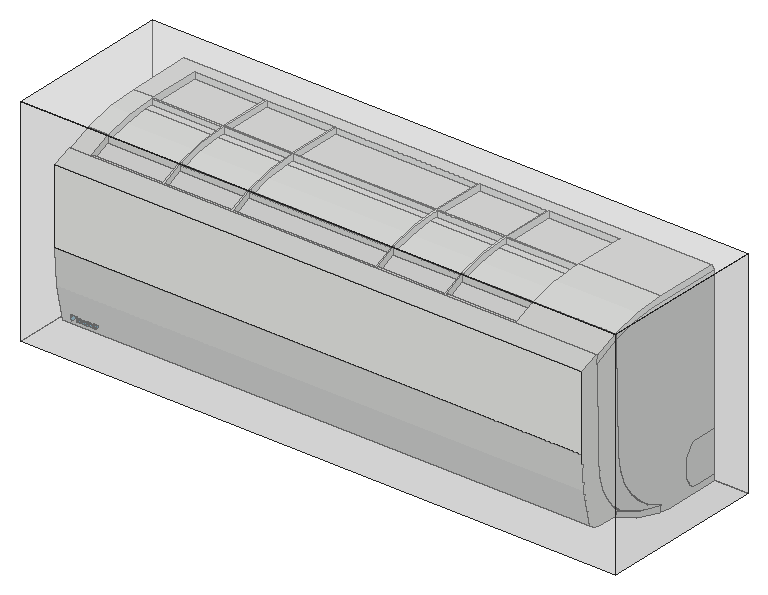
Revit family "outputfile", category 機械設備, Revit 2024
Family settings
  丸型コネクタ寸法 = 半径を使用
  パーツ タイプ = 標準
  OmniClass 番号 = 23.75.10.24.21.27.27
  OmniClass タイトル = Split System Air Conditioning Units
  作業面ベース = いいえ
  常に垂直 = はい
  ロード時にボイドで切り取り = いいえ
  注釈の向きを維持 = いいえ
  共有 = いいえ
  部屋計算ポイント = いいえ
Parameters (values of type "FTKC15TVM4")
  Description = ""
  書き出し IFC クラス(タイプ) = "IfcUnitaryEquipmentType"
  定義済み IFC タイプ(タイプ) = "AIRCONDITIONINGUNIT"
  Cost = 0
  Type Comments = ""
  Keynote = ""
  Type Image = (empty or 0)
  Assembly Code = ""
  w_wall hole = if(Width = 770.0 mm, 48.0 mm, 60.0 mm)  # 48.0 mm
  製造元 = "Daikin"
  モデル = "FTKC15TVM4"
  switch_frequency = yes
  r_Liquid Pipe Size = Liquid Pipe Size / 2  # 3.2 mm
  r_Gas Pipe Size = Gas Pipe Size / 2  # 4.75 mm
  r_Drain Pipe Size = Drain Pipe Size / 2  # 8.0 mm
  lw_powersupply [instance] = if(Width = 770.0 mm, if(or(Rear Right Connection_refrigerant, Bottom Right Connection_refrigerant), 30.0 mm, if(or(Rear Left Connection_refrigerant, Bottom Left Connection_refrigerant), 740.0 mm, 385.0 mm)), if(Width = 990.0 mm, if(or(Rear Right Connection_refrigerant, Bottom Right Connection_refrigerant), 80.0 mm, if(or(Rear Left Connection_refrigerant, Bottom Left Connection_refrigerant), 920.0 mm, 495.0 mm)), if(or(Rear Right Connection_refrigerant, Bottom Right Connection_refrigerant), 80.0 mm, if(or(Rear Left Connection_refrigerant, Bottom Left Connection_refrigerant), 920.0 mm, 495.0 mm))))  # 385.0 mm
  lw_liquidpipe [instance] = if(Width = 770.0 mm, if(or(Rear Right Connection_refrigerant, Bottom Right Connection_refrigerant), 0.0 mm, if(or(Rear Left Connection_refrigerant, Bottom Left Connection_refrigerant), 674.0 mm, 400.0 mm)), if(Width = 990.0 mm, if(or(Rear Right Connection_refrigerant, Bottom Right Connection_refrigerant), 9.0 mm, if(or(Rear Left Connection_refrigerant, Bottom Left Connection_refrigerant), 871.0 mm, 475.0 mm)), if(or(Rear Right Connection_refrigerant, Bottom Right Connection_refrigerant), 9.0 mm, if(or(Rear Left Connection_refrigerant, Bottom Left Connection_refrigerant), 871.0 mm, 475.0 mm))))  # 400.0 mm
  lw_gaspipe [instance] = if(Width = 770.0 mm, if(or(Rear Right Connection_refrigerant, Bottom Right Connection_refrigerant), 0.0 mm, if(or(Rear Left Connection_refrigerant, Bottom Left Connection_refrigerant), 674.0 mm, 350.0 mm)), if(Width = 990.0 mm, if(or(Rear Right Connection_refrigerant, Bottom Right Connection_refrigerant), 0.0 mm, if(or(Rear Left Connection_refrigerant, Bottom Left Connection_refrigerant), 880.0 mm, 400.0 mm)), if(or(Rear Right Connection_refrigerant, Bottom Right Connection_refrigerant), 0.0 mm, if(or(Rear Left Connection_refrigerant, Bottom Left Connection_refrigerant), 880.0 mm, 400.0 mm))))  # 350.0 mm
  lw_drainpipe [instance] = if(Width = 770.0 mm, if(or(Rear Right Connection_refrigerant, Bottom Right Connection_refrigerant), 0.0 mm, if(or(Rear Left Connection_refrigerant, Bottom Left Connection_refrigerant), 674.0 mm, 465.0 mm)), if(Width = 990.0 mm, if(or(Rear Right Connection_refrigerant, Bottom Right Connection_refrigerant), 0.0 mm, if(or(Rear Left Connection_refrigerant, Bottom Left Connection_refrigerant), 880.0 mm, 435.0 mm)), if(or(Rear Right Connection_refrigerant, Bottom Right Connection_refrigerant), 0.0 mm, if(or(Rear Left Connection_refrigerant, Bottom Left Connection_refrigerant), 880.0 mm, 435.0 mm))))  # 465.0 mm
  l_powersupply_length [instance] = if(Width = 770.0 mm, if(Right Connection_refrigerant, 385.0 mm, if(Left Connection_refrigerant, 385.0 mm, if(or(Rear Left Connection_refrigerant, Rear Right Connection_refrigerant), 15.0 mm, 50.0 mm))), if(Width = 990.0 mm, if(Right Connection_refrigerant, 495.0 mm, if(Left Connection_refrigerant, 495.0 mm, if(or(Rear Left Connection_refrigerant, Rear Right Connection_refrigerant), 15.0 mm, 50.0 mm))), if(Right Connection_refrigerant, 495.0 mm, if(Left Connection_refrigerant, 495.0 mm, if(or(Rear Left Connection_refrigerant, Rear Right Connection_refrigerant), 15.0 mm, 50.0 mm)))))  # 385.0 mm
  l_liquidpipe_length [instance] = if(Width = 770.0 mm, if(Right Connection_refrigerant, 448.0 mm, if(Left Connection_refrigerant, 322.0 mm, if(or(Rear Left Connection_refrigerant, Rear Right Connection_refrigerant), 30.0 mm, 40.0 mm))), if(Width = 990.0 mm, if(Right Connection_refrigerant, 535.0 mm, if(Left Connection_refrigerant, 455.0 mm, if(or(Rear Left Connection_refrigerant, Rear Right Connection_refrigerant), 30.0 mm, 40.0 mm))), if(Right Connection_refrigerant, 535.0 mm, if(Left Connection_refrigerant, 455.0 mm, if(or(Rear Left Connection_refrigerant, Rear Right Connection_refrigerant), 30.0 mm, 40.0 mm)))))  # 448.0 mm
  l_gaspipe_length [instance] = if(Width = 770.0 mm, if(Right Connection_refrigerant, 398.0 mm, if(Left Connection_refrigerant, 372.0 mm, if(or(Rear Left Connection_refrigerant, Rear Right Connection_refrigerant), 40.0 mm, 50.0 mm))), if(Width = 990.0 mm, if(Right Connection_refrigerant, 460.0 mm, if(Left Connection_refrigerant, 530.0 mm, if(or(Rear Left Connection_refrigerant, Rear Right Connection_refrigerant), 40.0 mm, 50.0 mm))), if(Right Connection_refrigerant, 460.0 mm, if(Left Connection_refrigerant, 530.0 mm, if(or(Rear Left Connection_refrigerant, Rear Right Connection_refrigerant), 40.0 mm, 50.0 mm)))))  # 398.0 mm
  l_drainpipe_length [instance] = if(Width = 770.0 mm, if(Right Connection_refrigerant, 513.0 mm, if(Left Connection_refrigerant, 257.0 mm, if(or(Rear Left Connection_refrigerant, Rear Right Connection_refrigerant), 15.0 mm, 20.0 mm))), if(Width = 990.0 mm, if(Right Connection_refrigerant, 495.0 mm, if(Left Connection_refrigerant, 495.0 mm, if(or(Rear Left Connection_refrigerant, Rear Right Connection_refrigerant), 15.0 mm, 20.0 mm))), if(Right Connection_refrigerant, 495.0 mm, if(Left Connection_refrigerant, 495.0 mm, if(or(Rear Left Connection_refrigerant, Rear Right Connection_refrigerant), 15.0 mm, 20.0 mm)))))  # 513.0 mm
  h*** = 0.0 mm  # constant formula
  connector_voltage = Voltage_50Hz  # 230 V
  connector_powerinput = [Power Input (Cooling)]  # 0.000 kW
  connector_phase = Phase_50Hz  # 1
  angle_vertical [instance] = if(or(Bottom Left Connection_refrigerant, Bottom Right Connection_refrigerant), 0.00°, 90.00°)  # 90.00°
  angle_horizontal [instance] = if(Right Connection_refrigerant, 90.00°, if(Left Connection_refrigerant, -90.00°, if(or(Rear Left Connection_refrigerant, Rear Right Connection_refrigerant), 180.00°, 0.00°)))  # 90.00°
  Width = 770.0 mm
  Voltage_comment_50Hz = "220 - 240"
  Voltage_50Hz = 230 V
  Version = "ver.1.0"
  Unit Type = "Wall Mounted"
  Unit Mass Weight = 8.00 kg
  Unit Designation [instance] = ""
  Uniclass2015Version = "Products v1.30"
  Uniclass2015Title = "Split coil room air conditioning units"
  Uniclass2015Code = "Pr_70_65_03_86"
  URL = ""
  Total Cooling Capacity [instance] = 0.000 kW
  Sound Pressure Level_M speed (dBA) = 32
  Sound Pressure Level_L speed (dBA) = 27
  Sound Pressure Level_H speed (dBA) = 36
  Sound Power Level_H speed (dB) = 0
  Series = "Single Split_Fan Coil Unit"
  Sensible Cooling Capacity [instance] = 0.000 kW
  Refrigerant Type = "R32"
  Power Input (Cooling) = 0.000 kW
  Phase_50Hz = 1
  Option Accessory 3 [instance] = ""
  Option Accessory 2 [instance] = ""
  Option Accessory 1 [instance] = ""
  Nominal Cooling Capacity = 1.500 kW
  Minimum Circuit Amps_50Hz = 0.0 A
  Minimum Airflow = 324.00 m³/h
  Median Airflow = 450.00 m³/h
  Maximum Fuse Amps_50Hz = 0.0 A
  Maximum Airflow = 558.00 m³/h
  Material_Casing = DAIKIN_PureWhite_Casing_indoorunit
  Load Classification = HVAC
  Liquid Pipe Size = 6.4 mm
  Link_Nested Family [instance] = ""
  IfcVersion = ""
  IfcExportType = "AIRCONDITIONINGUNIT"
  IfcExportAs = "IfcUnitaryEquipmentType"
  Height = 285.0 mm
  Heat Exchanger Type = "Cross Fin Coil"
  Gas Pipe Size = 9.5 mm
  Frequency_50Hz = 50 Hz
  Fan Type = "Cross Flow Fan"
  Fan Drive = "Direct Drive"
  FCU Tag No. [instance] = ""
  Drain Pipe Size = 16.0 mm
  Design Supply Airflow [instance] = 0.00 m³/h
  Depth = 242.0 mm
  既定の高さ = 0.0 mm
  Cooling Entering Wet Bulb Temperature [instance] = 0.00 °C
  Cooling Entering Dry Bulb Temperature [instance] = 0.00 °C
  Cooling Ambient Wet Bulb Temperature [instance] = 0.00 °C
  Cooling Ambient Dry Bulb Temperature [instance] = 0.00 °C
  Clearance visibility [instance] = yes
  Clearance Top = 30.0 mm
  Clearance Right = 50.0 mm
  Clearance Rear = 0.0 mm
  Clearance Left = 50.0 mm
  Clearance Front = 0.0 mm
  Clearance Bottom = 0.0 mm
  Bottom Right Connection_refrigerant [instance] = no
  Bottom Left Connection_refrigerant [instance] = no
  Rear Right Connection_refrigerant [instance] = no
  Rear Left Connection_refrigerant [instance] = no
  Right Connection_refrigerant [instance] = yes
  Left Connection_refrigerant [instance] = no
Reference planes
  plane 1 "Back": y = 0
  plane 2: z = 0
  plane 3 "Center (Left/Right)": x = 0
  plane 4 "Center (Front/Back)": y = -121
  plane 5 "Front": y = -242
  plane 6 "Left": x = -385
  plane 7 "Right": x = 385
  plane 8 "Top": z = 0
  plane 9 "Bottom": z = -285
  plane 10: x = -435
  plane 11: x = 435
  plane 12: y = 0
  plane 13: y = -242
  plane 14: z = 30
  plane 15: z = -285
  plane 16 "lw_Piping and Wiring intake": x = 337
  plane 17 "lw_gaspipe": x = -13
  plane 18 "lw_liquidpipe": x = -63
  plane 19 "lw_drainpipe": x = -128
  plane 20 "lh_drainpipe": z = -265
  plane 21 "lh_liquidpipe": z = -245
  plane 22 "lh_gaspipe": z = -235
  plane 23 "ld_drainpipe": y = -15
  plane 24 "ld_liquidpipe": y = -30
  plane 25 "ld_gaspipe": y = -40
  plane 26 "lw_powersupply": x = 0
Dimensions and locks
  equal spacing: plane 6 "Left", plane 3 "Center (Left/Right)", plane 7 "Right"
  "Width": plane 6 "Left" to plane 7 "Right"
  equal spacing: plane 5 "Front", plane 4 "Center (Front/Back)", plane 1 "Back"
  "Depth": plane 5 "Front" to plane 1 "Back"
  "Height": plane 8 "Top" to plane 9 "Bottom"
  "Clearance Rear": plane 12 to plane 1 "Back"
  "Clearance Front": plane 13 to plane 5 "Front"
  "Clearance Top": plane 14 to plane 8 "Top"
  "Clearance Bottom": plane 9 "Bottom" to plane 15
  "w_wall hole": plane 16 "lw_Piping and Wiring intake" to plane 7 "Right"
  "lw_gaspipe": plane 17 "lw_gaspipe" to plane 16 "lw_Piping and Wiring intake"
  "lw_liquidpipe": plane 18 "lw_liquidpipe" to plane 16 "lw_Piping and Wiring intake"
  "lw_drainpipe": plane 19 "lw_drainpipe" to plane 16 "lw_Piping and Wiring intake"
  locked: plane 20 "lh_drainpipe" to plane 9 "Bottom" at 20
  locked: plane 21 "lh_liquidpipe" to plane 9 "Bottom" at 40
  locked: plane 22 "lh_gaspipe" to plane 9 "Bottom" at 50
  locked: plane 23 "ld_drainpipe" to plane 1 "Back" at 15
  locked: plane 1 "Back" to plane 24 "ld_liquidpipe" at 30
  locked: plane 1 "Back" to plane 25 "ld_gaspipe" at 40
  "lw_powersupply": plane 26 "lw_powersupply" to plane 7 "Right"
  "Clearance Right": plane 7 "Right" to plane 11
  "Clearance Left": plane 10 to plane 6 "Left"
  aligned and locked: level to plane 2
  aligned and locked: plane 12 to nested 1
  aligned and locked: nested 1 to plane 13
  aligned and locked: plane 10 to nested 1
  aligned and locked: plane 11 to nested 1
  aligned and locked: plane 15 to nested 1
  aligned and locked: plane 14 to nested 1
  aligned and locked: plane 17 "lw_gaspipe" to nested 2
  aligned and locked: nested 2 to plane 25 "ld_gaspipe"
  aligned and locked: plane 18 "lw_liquidpipe" to nested 3
  aligned and locked: nested 3 to plane 24 "ld_liquidpipe"
  aligned and locked: plane 19 "lw_drainpipe" to nested 4
  aligned and locked: nested 4 to plane 23 "ld_drainpipe"
  aligned and locked: nested 5 to plane 23 "ld_drainpipe"
  aligned and locked: plane 26 "lw_powersupply" to nested 5
  aligned and locked: level to plane 8 "Top"
  aligned and locked: plane 3 "Center (Left/Right)" to nested 6
  aligned and locked: plane 8 "Top" to nested 6
  aligned and locked: plane 1 "Back" to nested 6
Nested families
  nested 1: "daikin_clearancespace" at (0, -121, -127.381), show <- "Clearance visibility", visible <- "Clearance visibility", Link_Nested Family <- "Link_Nested Family", type "daikin_clearancespace"
    with width 870.0 mm, show yes, height 315.0 mm, depth 242.0 mm, Link_Nested Family ""
  nested 2: "daikin_connector_rotate3" at (-13, -40, -235), angle_vertical <- "angle_vertical", angle_horizontal <- "angle_horizontal", length <- "l_gaspipe_length", radius <- "r_Gas Pipe Size", type "daikin_connector_rotate3"
    with show no, radius 4.75 mm, length 398.0 mm, angle_vertical 90.00°, angle_horizontal 90.00°
  nested 3: "daikin_connector_rotate3" at (-63, -30, -245), angle_vertical <- "angle_vertical", angle_horizontal <- "angle_horizontal", radius <- "r_Liquid Pipe Size", length <- "l_liquidpipe_length", type "daikin_connector_rotate3"
    with show no, radius 3.2 mm, length 448.0 mm, angle_vertical 90.00°, angle_horizontal 90.00°
  nested 4: "daikin_connector_rotate3" at (-128, -15, -265), angle_vertical <- "angle_vertical", angle_horizontal <- "angle_horizontal", length <- "l_drainpipe_length", radius <- "r_Drain Pipe Size", type "daikin_connector_rotate3"
    with show no, radius 8.0 mm, length 513.0 mm, angle_vertical 90.00°, angle_horizontal 90.00°
  nested 5: "daikin_connector_rotate3" at (0, -15, -235), angle_vertical <- "angle_vertical", angle_horizontal <- "angle_horizontal", length <- "l_powersupply_length", type "daikin_connector_rotate3"
    with show no, radius 10.0 mm, length 385.0 mm, angle_vertical 90.00°, angle_horizontal 90.00°
  nested 6: "DAIKIN_indoorunit_FTKC-TVM4" at (-31, 0, 0), type "FTKC-TVM4"
Connectors
  piping at (385, -40, -235), diameter 9.5, driven by "r_Gas Pipe Size"
    settings: on nested 2, index 1, connector inside diameter 609.6 mm, connector length 0.0 mm, flow factor 0, pipe flow 0.00 m³/h, pressure drop 0.0 Pa, fitting loss kfactor 0, connector angle 0.00°, fixture units 0, engagement length 0.0 mm, angle of deflection 0.00°, flow configuration 1, flow direction 2, fitting loss method 0, system type 29, joint type 0, gender type 0, connector reference index -1, connector utility 0, adjustable connector no, is connector primary yes, connector description "Refrigerant Gas Piping"
  piping at (385, -30, -245), diameter 6.4, driven by "r_Liquid Pipe Size"
    settings: on nested 3, index 2, connector inside diameter 609.6 mm, connector length 0.0 mm, flow factor 0, pipe flow 0.00 m³/h, pressure drop 0.0 Pa, fitting loss kfactor 0, connector angle 0.00°, fixture units 0, engagement length 0.0 mm, angle of deflection 0.00°, flow configuration 1, flow direction 1, fitting loss method 0, system type 29, joint type 0, gender type 0, connector reference index -1, connector utility 0, adjustable connector no, is connector primary no, connector description "Refrigerant Liquid Piping"
  piping at (385, -15, -265), diameter 16, driven by "r_Drain Pipe Size"
    settings: on nested 4, index 3, connector inside diameter 609.6 mm, connector length 0.0 mm, flow factor 0, pipe flow 0.00 m³/h, pressure drop 0.0 Pa, fitting loss kfactor 0, connector angle 0.00°, fixture units 0, engagement length 0.0 mm, angle of deflection 0.00°, flow configuration 1, flow direction 2, fitting loss method 4, system type 16, joint type 0, gender type 0, connector reference index -1, connector utility 0, adjustable connector no, is connector primary no, connector description "Condensate Drain Piping"
  electrical at (385, -15, -235), driven by "Load Classification", driven by "connector_voltage", driven by "connector_powerinput", driven by "connector_phase"
    settings: on nested 5, index 4, voltage 230 V, apparent load 0 VA, apparent load phase1 0 VA, apparent load phase2 0 VA, apparent load phase3 0 VA, power factor 1, load classification "HVAC", number of poles 1, system type 30, power factor state 1, is connector primary yes, connector utility no, sub classification motor no, connector description "Power Supply"
Definition of nested family "daikin_clearancespace"
  Parameters (values of type "daikin_clearancespace")
    Description = "daikin_clearancespace"
    width [instance] = 1823.963 mm
    show [instance] = yes
    material = none
    height [instance] = 1359.762 mm
    depth [instance] = 880.0 mm
    Default Elevation = 0.0 mm
    Link_Nested Family [instance] = ""
  Reference planes
    plane 1 "Center (Front/Back)": y = 0
    plane 2 "Center (Elevation)": z = -0.119
    plane 3 "Center (Left/Right)": x = 0
    plane 4: y = 440
    plane 5: y = -440
    plane 6 "Right": x = 911.982
    plane 7 "Left": x = -911.982
    plane 8 "Top": z = 679.762
    plane 9 "Bottom": z = -680
  Forms (mm)
    Extrusion 1, solid, material <- "material", visible <- "show"
      sketch origin (0, 0, 0) x (1, 0, 0) y (0, 1, 0)
        loop
          line (-911.982, 440) -> (-911.982, -440) -> (911.982, -440) -> (911.982, 440) -> (-911.982, 440)
      from -680 to 679.762
  Lines and regions (mm)
    symbolic lines, visible <- "show"
      curve 1: line (911.982, 440, 0) -> (-911.982, 440, 0)
      curve 2: line (-911.982, 440, 0) -> (-911.982, -440, 0)
      curve 3: line (-911.982, -440, 0) -> (911.982, -440, 0)
      curve 4: line (911.982, -440, 0) -> (911.982, 440, 0)
      curve 5: line (911.982, 0, 679.762) -> (-911.982, 0, 679.762)
      curve 6: line (911.982, 0, -680) -> (911.982, 0, 679.762)
      curve 7: line (-911.982, 0, -680) -> (911.982, 0, -680)
      curve 8: line (-911.982, 0, 679.762) -> (-911.982, 0, -680)
      curve 9: line (0, 440, 679.762) -> (0, -440, 679.762)
      curve 10: line (0, -440, 679.762) -> (0, -440, -680)
      curve 11: line (0, 440, -680) -> (0, 440, 679.762)
      curve 12: line (0, -440, -680) -> (0, 440, -680)
  Dimensions and locks
    "width": plane 7 "Left" to plane 6 "Right"
    "depth": plane 4 to plane 5
    "height": plane 8 "Top" to plane 9 "Bottom"
    equal spacing: plane 7 "Left", plane 3 "Center (Left/Right)", plane 6 "Right"
    equal spacing: plane 4, plane 1 "Center (Front/Back)", plane 5
    equal spacing: plane 8 "Top", plane 2 "Center (Elevation)", plane 9 "Bottom"
    aligned and locked: level to plane 2 "Center (Elevation)"
    aligned and locked: Extrusion 1 sketch curve to plane 4
    aligned and locked: plane 7 "Left" to Extrusion 1 sketch curve
    aligned and locked: Extrusion 1 sketch curve to plane 5
    aligned and locked: Extrusion 1 sketch curve to plane 6 "Right"
    aligned and locked: plane 8 "Top" to Extrusion 1
    aligned and locked: curve 1 to Extrusion 1
    aligned and locked: curve 2 to Extrusion 1
    aligned and locked: curve 3 to Extrusion 1
    aligned and locked: curve 4 to Extrusion 1
    aligned and locked: curve 5 to Extrusion 1
    aligned and locked: curve 6 to Extrusion 1
    aligned and locked: curve 7 to Extrusion 1
    aligned and locked: curve 8 to Extrusion 1
    aligned and locked: curve 9 to Extrusion 1
    aligned and locked: curve 10 to Extrusion 1
    aligned and locked: curve 11 to Extrusion 1
    aligned and locked: curve 12 to Extrusion 1
    aligned and locked: Extrusion 1 to plane 9 "Bottom"
Definition of nested family "DAIKIN_indoorunit_FTKC-TVM4"
  Parameters (values of type "FTKC-TVM4")
    switch_unit1_50-71 = Width = 990.0 mm  # no
    switch_unit1_15-35 = Width = 770.0 mm  # yes
    Width = 770.0 mm
    Material_Casing = none
    Height = if(Width = 770.0 mm, 285.0 mm, 295.0 mm)  # 285.0 mm
    Default Elevation = 0.0 mm
  Reference planes
    plane 1 "Center (Front/Back)": y = 0
    plane 2 "reference_level": z = 0
    plane 3 "Center (Left/Right)": x = 31
    plane 4: x = -354
    plane 5: x = 416
    plane 6: y = -242
    plane 7: z = -285
    plane 8: x = -464
    plane 9: x = 526
    plane 10: y = -281
    plane 11: z = -295
  Forms (mm)
    Extrusion 1, solid, material <- "Material_Casing", visible <- "switch_unit1_15-35"
      sketch origin (31, 0, 0) x (0, 1, 0) y (0, 0, 1)
        loop
          line (-181.516, -252.416) -> (-177.432, -245.341)
          arc (-177.432, -245.341) -> (-187.602, -234.721) -> (-196.157, -222.761) r 103
          arc (-196.157, -222.761) -> (-204.858, -204.875) -> (-209.959, -185.65) r 103
          arc (-209.959, -185.65) -> (-211.672, -172.918) -> (-212.646, -160.108) r 222
          arc (-212.646, -160.108) -> (-214.738, -92.842) -> (-214.74, -25.543) r 2166.704
          line (-214.74, -25.543) -> (-242, -36.1) -> (-242, -144.253)
          arc (-242, -144.253) -> (-238.127, -195.07) -> (-226.597, -244.714) r 335.315
          arc (-226.597, -244.714) -> (-218.704, -249.531) -> (-209.718, -251.715) r 30
          arc (-209.718, -251.715) -> (-195.628, -252.481) -> (-181.516, -252.416) r 239.767
      from -385 to 385
    Extrusion 2, solid, material <- "Material_Casing", visible <- "switch_unit1_15-35"
      sketch origin (31, 0, 0) x (0, 1, 0) y (0, 0, 1)
        loop
          line (0, -8.5) -> (-113.618, -8.5)
          arc (-113.618, -8.5) -> (-146.846, -12.967) -> (-179.138, -21.983) r 242
          arc (-179.138, -21.983) -> (-179.047, -97.761) -> (-175.674, -173.465) r 1749.053
          arc (-175.674, -173.465) -> (-151.972, -235.488) -> (-97.504, -273.461) r 112.896
          line (-97.504, -273.461) -> (-97.504, -283.03)
          arc (-97.504, -283.03) -> (-89.849, -284.138) -> (-82.162, -285) r 240
          line (-82.162, -285) -> (0, -285) -> (0, -8.5)
      from -385 to 385
    Extrusion 3, solid, material <- "Material_Casing", visible <- "switch_unit1_15-35"
      sketch origin (31, 0, 0) x (0, 1, 0) y (0, 0, 1)
        loop
          arc (-98, 0) -> (-139.118, -3.405) -> (-179.116, -13.525) r 250
          arc (-179.116, -13.525) -> (-179.134, -17.754) -> (-179.138, -21.983) r 1232.815
          arc (-179.138, -21.983) -> (-146.846, -12.967) -> (-113.618, -8.5) r 242
          line (-113.618, -8.5) -> (0, -8.5) -> (-5, 0) -> (-98, 0)
      from -385 to 385
    Extrusion 4, solid, material <- "Material_Casing", visible <- "switch_unit1_15-35"
      sketch origin (31, 0, 0) x (0, 1, 0) y (0, 0, 1)
        loop
          arc (-179.116, -13.525) -> (-196.73, -20.321) -> (-213.781, -28.427) r 250
          arc (-213.781, -28.427) -> (-213.841, -32.971) -> (-213.891, -37.516) r 2163.952
          arc (-213.891, -37.516) -> (-196.821, -29.065) -> (-179.138, -21.983) r 242
          arc (-179.138, -21.983) -> (-179.134, -17.754) -> (-179.116, -13.525) r 1232.815
      from -385 to 385
    Extrusion 5, solid, material <- "Material_Casing", visible <- "switch_unit1_15-35"
      sketch origin (31, 0, 0) x (0, 1, 0) y (0, 0, 1)
        loop
          arc (-179.138, -21.983) -> (-196.821, -29.065) -> (-213.891, -37.516) r 242
          arc (-213.891, -37.516) -> (-213.638, -98.737) -> (-211.653, -159.927) r 2163.952
          arc (-211.653, -159.927) -> (-210.685, -172.747) -> (-208.973, -185.489) r 221
          arc (-208.973, -185.489) -> (-197.132, -219.133) -> (-174.432, -246.644) r 102
          arc (-174.432, -246.644) -> (-137.432, -263.767) -> (-98, -274.128) r 231.303
          line (-98, -274.128) -> (-98, -273.301)
          arc (-98, -273.301) -> (-152.132, -235.283) -> (-175.674, -173.465) r 112.896
          arc (-175.674, -173.465) -> (-179.047, -97.761) -> (-179.138, -21.983) r 1749.053
      from -385 to 385
    Extrusion 6, solid, material <- "Material_Casing", visible <- "switch_unit1_15-35"
      sketch origin (31, 0, 0) x (0, 1, 0) y (0, 0, 1)
        loop
          arc (-99, -274.668) -> (-139.156, -263.909) -> (-176.747, -246.156) r 232
          line (-176.747, -246.156) -> (-180.748, -253.084)
          arc (-180.748, -253.084) -> (-141.23, -271.668) -> (-99, -282.784) r 240
          line (-99, -282.784) -> (-99, -274.668)
      from 334 to 385
    Extrusion 7, solid, material <- "Material_Casing", visible <- "switch_unit1_15-35"
      sketch origin (31, 0, 0) x (0, 1, 0) y (0, 0, 1)
        loop
          arc (-99, -274.668) -> (-139.156, -263.909) -> (-176.747, -246.156) r 232
          line (-176.747, -246.156) -> (-180.748, -253.084)
          arc (-180.748, -253.084) -> (-141.23, -271.668) -> (-99, -282.784) r 240
          line (-99, -282.784) -> (-99, -274.668)
      from 267 to 333
    Extrusion 8, solid, material <- "Material_Casing", visible <- "switch_unit1_15-35"
      sketch origin (31, 0, 0) x (0, 1, 0) y (0, 0, 1)
        loop
          arc (-99, -274.668) -> (-139.156, -263.909) -> (-176.747, -246.156) r 232
          line (-176.747, -246.156) -> (-180.748, -253.084)
          arc (-180.748, -253.084) -> (-141.23, -271.668) -> (-99, -282.784) r 240
          line (-99, -282.784) -> (-99, -274.668)
      from -385 to -338.5
    Extrusion 9, solid, material <- "Material_Casing", visible <- "switch_unit1_15-35"
      sketch origin (31, 0, 0) x (0, 1, 0) y (0, 0, 1)
        loop
          arc (-118.787, -270.332) -> (-148.589, -260.214) -> (-176.747, -246.156) r 232
          line (-176.747, -246.156) -> (-180.748, -253.084)
          arc (-180.748, -253.084) -> (-152.638, -267.191) -> (-122.926, -277.5) r 240
          line (-122.926, -277.5) -> (-118.787, -270.332)
      from -335.5 to 264.6
    Extrusion 10, solid, material <- "Material_Casing", visible <- "switch_unit1_15-35"
      sketch origin (31, 0, 0) x (0, 1, 0) y (0, 0, 1)
        loop
          line (0, -276.246) -> (0, -216.246) -> (-30, -216.246)
          arc (-30, -216.246) -> (-44.142, -222.104) -> (-50, -236.246) r 20
          line (-50, -236.246) -> (-50, -256.246)
          arc (-50, -256.246) -> (-44.142, -270.388) -> (-30, -276.246) r 20
          line (-30, -276.246) -> (0, -276.246)
      from 380 to 385
    Extrusion 11, solid, material <- "Material_Casing", visible <- "switch_unit1_15-35"
      sketch origin (-734, 0, 0) x (0, 1, 0) y (0, 0, 1)
        loop
          line (0, -276.246) -> (0, -216.246) -> (-30, -216.246)
          arc (-30, -216.246) -> (-44.142, -222.104) -> (-50, -236.246) r 20
          line (-50, -236.246) -> (-50, -256.246)
          arc (-50, -256.246) -> (-44.142, -270.388) -> (-30, -276.246) r 20
          line (-30, -276.246) -> (0, -276.246)
      from 380 to 385
    Extrusion 12, solid, material <- "Material_Casing", visible <- "switch_unit1_15-35"
      sketch origin (4267.2, -957.059, -285) x (0, -1, 0) y (1, 0, 0)
        loop
          line (-957.059, -4610.2) -> (-927.059, -4610.2)
          arc (-927.059, -4610.2) -> (-912.917, -4604.342) -> (-907.059, -4590.2) r 20
          line (-907.059, -4590.2) -> (-907.059, -4570.2)
          arc (-907.059, -4570.2) -> (-912.917, -4556.058) -> (-927.059, -4550.2) r 20
          line (-927.059, -4550.2) -> (-957.059, -4550.2) -> (-957.059, -4610.2)
        loop
          line (-957.059, -3922.2) -> (-927.059, -3922.2)
          arc (-927.059, -3922.2) -> (-912.917, -3916.342) -> (-907.059, -3902.2) r 20
          line (-907.059, -3902.2) -> (-907.059, -3882.2)
          arc (-907.059, -3882.2) -> (-912.917, -3868.058) -> (-927.059, -3862.2) r 20
          line (-927.059, -3862.2) -> (-957.059, -3862.2) -> (-957.059, -3922.2)
      from 0 to 5
    Extrusion 13, solid, material <- "Material_Casing", visible <- "switch_unit1_15-35"
      sketch origin (0, 0, 0) x (1, 0, 0) y (0, 0, 1)
        loop
          circle (-306, -240.5) r 32.5
        loop
          circle (368, -240.5) r 32.5
      from 0 to 5
    Extrusion 14, void
      sketch origin (0, 0, 0) x (1, 0, 0) y (0, 1, 0)
        loop
          line (-324.5, -23.5) -> (-324.5, -100) -> (-221, -100) -> (-221, -23.5) -> (-324.5, -23.5)
        loop
          line (-324.5, -102) -> (-324.5, -180.5) -> (-221, -180.5) -> (-221, -102) -> (-324.5, -102)
        loop
          line (-221, -181.5) -> (-324.5, -181.5) -> (-324.5, -210) -> (-221, -210) -> (-221, -181.5)
        loop
          line (-219, -23.5) -> (-219, -100) -> (-120, -100) -> (-120, -23.5) -> (-219, -23.5)
        loop
          line (-219, -102) -> (-219, -180.5) -> (-120, -180.5) -> (-120, -102) -> (-219, -102)
        loop
          line (-120, -181.5) -> (-219, -181.5) -> (-219, -210) -> (-120, -210) -> (-120, -181.5)
        loop
          line (92, -23.5) -> (92, -100) -> (191, -100) -> (191, -23.5) -> (92, -23.5)
        loop
          line (92, -102) -> (92, -180.5) -> (191, -180.5) -> (191, -102) -> (92, -102)
        loop
          line (191, -181.5) -> (92, -181.5) -> (92, -210) -> (191, -210) -> (191, -181.5)
        loop
          line (193, -23.5) -> (193, -100) -> (296.5, -100) -> (296.5, -23.5) -> (193, -23.5)
        loop
          line (193, -102) -> (193, -180.5) -> (296.5, -180.5) -> (296.5, -102) -> (193, -102)
        loop
          line (296.5, -181.5) -> (193, -181.5) -> (193, -210) -> (296.5, -210) -> (296.5, -181.5)
        loop
          line (-118, -23.5) -> (-118, -100) -> (90, -100) -> (90, -23.5) -> (-118, -23.5)
        loop
          line (-118, -102) -> (-118, -180.5) -> (90, -180.5) -> (90, -102) -> (-118, -102)
        loop
          line (-118, -181.5) -> (-118, -210) -> (90, -210) -> (90, -181.5) -> (-118, -181.5)
      from -45.568 to 39.59
    Extrusion 15, solid, material <- "Material_Casing", visible <- "switch_unit1_50-71"
      sketch origin (31, 0, 0) x (0, 1, 0) y (0, 0, 1)
        loop
          line (-219.505, -253.208) -> (-214.063, -245.993)
          arc (-214.063, -245.993) -> (-226.305, -232.688) -> (-235.972, -217.41) r 100.737
          arc (-235.972, -217.41) -> (-246.359, -189.681) -> (-251.069, -160.448) r 149.292
          arc (-251.069, -160.448) -> (-253.267, -112.746) -> (-254, -65) r 1555.387
          line (-254, -65) -> (-254, -22.209) -> (-280.96, -32.522) -> (-281, -65.309)
          arc (-281, -65.309) -> (-280.275, -112.896) -> (-278.119, -160.439) r 1582.495
          arc (-278.119, -160.439) -> (-274.11, -202.042) -> (-267, -243.228) r 558.201
          arc (-267, -243.228) -> (-249.058, -250.67) -> (-229.801, -253.208) r 74.313
          line (-229.801, -253.208) -> (-219.505, -253.208)
      from -495 to 495
    Extrusion 16, solid, material <- "Material_Casing", visible <- "switch_unit1_50-71"
      sketch origin (31, 0, 0) x (0, 1, 0) y (0, 0, 1)
        loop
          arc (-100.5, -284.747) -> (-179.919, -239.801) -> (-212.343, -154.5) r 134.438
          arc (-212.343, -154.5) -> (-213.586, -109.758) -> (-214, -65) r 2418.229
          line (-214, -65) -> (-214, -20.481)
          arc (-214, -20.481) -> (-233.83, -27.507) -> (-253, -36.176) r 250
          line (-253, -36.176) -> (-253, -65)
          arc (-253, -65) -> (-252.267, -112.716) -> (-250.07, -160.386) r 1554.382
          arc (-250.07, -160.386) -> (-245.365, -189.53) -> (-234.983, -217.165) r 148.387
          arc (-234.983, -217.165) -> (-218.057, -240.73) -> (-195.079, -258.444) r 100
          arc (-195.079, -258.444) -> (-149.468, -277.868) -> (-100.5, -285.595) r 201.939
          line (-100.5, -285.595) -> (-100.5, -284.747)
      from -495 to 495
    Extrusion 17, solid, material <- "Material_Casing", visible <- "switch_unit1_50-71"
      sketch origin (31, 0, 0) x (0, 1, 0) y (0, 0, 1)
        loop
          arc (-214, -65) -> (-213.586, -109.758) -> (-212.343, -154.5) r 2418.229
          arc (-212.343, -154.5) -> (-178.254, -241.703) -> (-95.5, -285.502) r 134.438
          line (-95.5, -285.502) -> (-95.5, -295) -> (0, -295) -> (0, -9) -> (-140.5, -9)
          arc (-140.5, -9) -> (-177.696, -11.888) -> (-214, -20.481) r 241
          line (-214, -20.481) -> (-214, -65)
      from -495 to 495
    Extrusion 18, solid, material <- "Material_Casing", visible <- "switch_unit1_50-71"
      sketch origin (31, 0, 0) x (0, 1, 0) y (0, 0, 1)
        loop
          line (-213.317, -246.664) -> (-219.196, -254.466)
          arc (-219.196, -254.466) -> (-168.535, -282.168) -> (-112.23, -294.964) r 209.168
          arc (-112.23, -294.964) -> (-111.806, -294.991) -> (-111.381, -295) r 10
          line (-111.381, -295) -> (-96.5, -295) -> (-96.5, -286) -> (-111.136, -286)
          arc (-111.136, -286) -> (-154.838, -277.36) -> (-195.568, -259.316) r 201.22
          arc (-195.568, -259.316) -> (-204.785, -253.47) -> (-213.317, -246.664) r 101
      from 445 to 495
    Extrusion 19, solid, material <- "Material_Casing", visible <- "switch_unit1_50-71"
      sketch origin (-464, 2327.908, 1200) x (0, 1, 0) y (0, 0, 1)
        loop
          line (-2541.225, -1446.664) -> (-2547.104, -1454.466)
          arc (-2547.104, -1454.466) -> (-2496.443, -1482.168) -> (-2440.138, -1494.964) r 209.168
          arc (-2440.138, -1494.964) -> (-2439.714, -1494.991) -> (-2439.289, -1495) r 10
          line (-2439.289, -1495) -> (-2424.408, -1495) -> (-2424.408, -1486) -> (-2439.044, -1486)
          arc (-2439.044, -1486) -> (-2482.746, -1477.36) -> (-2523.476, -1459.316) r 201.22
          arc (-2523.476, -1459.316) -> (-2532.693, -1453.47) -> (-2541.225, -1446.664) r 101
      from 0 to 45
    Extrusion 20, solid, material <- "Material_Casing", visible <- "switch_unit1_50-71"
      sketch origin (31, 0, 0) x (0, 1, 0) y (0, 0, 1)
        loop
          line (-213.317, -246.664) -> (-219.196, -254.466)
          arc (-219.196, -254.466) -> (-168.535, -282.168) -> (-112.23, -294.964) r 209.168
          arc (-112.23, -294.964) -> (-111.806, -294.991) -> (-111.381, -295) r 10
          line (-111.381, -295) -> (-96.5, -295) -> (-96.5, -286) -> (-111.136, -286)
          arc (-111.136, -286) -> (-154.838, -277.36) -> (-195.568, -259.316) r 201.22
          arc (-195.568, -259.316) -> (-204.785, -253.47) -> (-213.317, -246.664) r 101
      from 348 to 444
    Extrusion 21, solid, material <- "Material_Casing", visible <- "switch_unit1_50-71"
      sketch origin (31, 0, 0) x (0, 1, 0) y (0, 0, 1)
        loop
          line (-213.317, -246.664) -> (-219.196, -254.466)
          arc (-219.196, -254.466) -> (-180.878, -277.039) -> (-138.653, -291) r 209.168
          line (-138.653, -291) -> (-132.632, -283.01)
          arc (-132.632, -283.01) -> (-165.097, -273.811) -> (-195.568, -259.316) r 201.22
          arc (-195.568, -259.316) -> (-204.785, -253.47) -> (-213.317, -246.664) r 101
      from -442 to 343
    Extrusion 22, solid, material <- "Material_Casing", visible <- "switch_unit1_50-71"
      sketch origin (31, 0, 0) x (0, 1, 0) y (0, 0, 1)
        loop
          arc (-214, -11.049) -> (-233.83, -18.074) -> (-253, -26.743) r 250
          line (-253, -26.743) -> (-253, -36.176)
          arc (-253, -36.176) -> (-233.83, -27.507) -> (-214, -20.481) r 250
          line (-214, -20.481) -> (-214, -11.049)
      from -495 to 495
    Extrusion 23, solid, material <- "Material_Casing", visible <- "switch_unit1_50-71"
      sketch origin (31, 0, 0) x (0, 1, 0) y (0, 0, 1)
        loop
          arc (-140.5, 0) -> (-177.663, -2.778) -> (-214, -11.049) r 250
          line (-214, -11.049) -> (-214, -20.481)
          arc (-214, -20.481) -> (-177.696, -11.888) -> (-140.5, -9) r 241
          line (-140.5, -9) -> (0, -9) -> (-5, 0) -> (-140.5, 0)
      from -495 to 495
    Extrusion 24, void
      sketch origin (0, 0, 0) x (1, 0, 0) y (0, 1, 0)
        loop
          line (-434, -22.7) -> (-434, -107.9) -> (-332, -107.9) -> (-332, -22.7) -> (-434, -22.7)
        loop
          line (-332, -116.9) -> (-434, -116.9) -> (-434, -183.4) -> (-332, -183.4) -> (-332, -116.9)
        loop
          line (-332, -187.9) -> (-434, -187.9) -> (-434, -231.9) -> (-332, -231.9) -> (-332, -187.9)
        loop
          line (-327.8, -22.7) -> (-327.8, -107.9) -> (-229.6, -107.9) -> (-229.6, -22.7) -> (-327.8, -22.7)
        loop
          line (-229.6, -116.9) -> (-327.8, -116.9) -> (-327.8, -183.4) -> (-229.6, -183.4) -> (-229.6, -116.9)
        loop
          line (-229.6, -187.9) -> (-327.8, -187.9) -> (-327.8, -231.9) -> (-229.6, -231.9) -> (-229.6, -187.9)
        loop
          line (-225.4, -22.7) -> (-225.4, -107.9) -> (-127.2, -107.9) -> (-127.2, -22.7) -> (-225.4, -22.7)
        loop
          line (-127.2, -116.9) -> (-225.4, -116.9) -> (-225.4, -183.4) -> (-127.2, -183.4) -> (-127.2, -116.9)
        loop
          line (-127.2, -187.9) -> (-225.4, -187.9) -> (-225.4, -231.9) -> (-127.2, -231.9) -> (-127.2, -187.9)
        loop
          line (-123, -22.7) -> (-123, -107.9) -> (-26, -107.9) -> (-26, -22.7) -> (-123, -22.7)
        loop
          line (-26, -116.9) -> (-123, -116.9) -> (-123, -183.4) -> (-26, -183.4) -> (-26, -116.9)
        loop
          line (-26, -187.9) -> (-123, -187.9) -> (-123, -231.9) -> (-26, -231.9) -> (-26, -187.9)
        loop
          line (396, -22.7) -> (294, -22.7) -> (294, -107.9) -> (396, -107.9) -> (396, -22.7)
        loop
          line (294, -116.9) -> (294, -183.4) -> (396, -183.4) -> (396, -116.9) -> (294, -116.9)
        loop
          line (294, -187.9) -> (294, -231.9) -> (396, -231.9) -> (396, -187.9) -> (294, -187.9)
        loop
          line (289.8, -22.7) -> (191.6, -22.7) -> (191.6, -107.9) -> (289.8, -107.9) -> (289.8, -22.7)
        loop
          line (191.6, -116.9) -> (191.6, -183.4) -> (289.8, -183.4) -> (289.8, -116.9) -> (191.6, -116.9)
        loop
          line (191.6, -187.9) -> (191.6, -231.9) -> (289.8, -231.9) -> (289.8, -187.9) -> (191.6, -187.9)
        loop
          line (187.4, -22.7) -> (89.2, -22.7) -> (89.2, -107.9) -> (187.4, -107.9) -> (187.4, -22.7)
        loop
          line (89.2, -116.9) -> (89.2, -183.4) -> (187.4, -183.4) -> (187.4, -116.9) -> (89.2, -116.9)
        loop
          line (89.2, -187.9) -> (89.2, -231.9) -> (187.4, -231.9) -> (187.4, -187.9) -> (89.2, -187.9)
        loop
          line (85, -22.7) -> (-12, -22.7) -> (-12, -107.9) -> (85, -107.9) -> (85, -22.7)
        loop
          line (-12, -116.9) -> (-12, -183.4) -> (85, -183.4) -> (85, -116.9) -> (-12, -116.9)
        loop
          line (-12, -187.9) -> (-12, -231.9) -> (85, -231.9) -> (85, -187.9) -> (-12, -187.9)
      from -47.376 to 34.635
    Extrusion 25, solid, material <- "Material_Casing", visible <- "switch_unit1_50-71"
      sketch origin (31, 0, 0) x (0, 1, 0) y (0, 0, 1)
        loop
          line (0, -287) -> (0, -214.4) -> (-35.8, -214.4)
          arc (-35.8, -214.4) -> (-52.771, -221.429) -> (-59.8, -238.4) r 24
          line (-59.8, -238.4) -> (-59.8, -263)
          arc (-59.8, -263) -> (-52.771, -279.971) -> (-35.8, -287) r 24
          line (-35.8, -287) -> (0, -287)
      from 490 to 495
    Extrusion 26, solid, material <- "Material_Casing", visible <- "switch_unit1_50-71"
      sketch origin (-954, 0, 0) x (0, 1, 0) y (0, 0, 1)
        loop
          line (0, -287) -> (0, -214.4) -> (-35.8, -214.4)
          arc (-35.8, -214.4) -> (-52.771, -221.429) -> (-59.8, -238.4) r 24
          line (-59.8, -238.4) -> (-59.8, -263)
          arc (-59.8, -263) -> (-52.771, -279.971) -> (-35.8, -287) r 24
          line (-35.8, -287) -> (0, -287)
      from 490 to 495
    Extrusion 27, solid, material <- "Material_Casing", visible <- "switch_unit1_50-71"
      sketch origin (0, 0, 0) x (1, 0, 0) y (0, 0, 1)
        loop
          circle (-416, -250.5) r 40
        loop
          circle (466, -250.5) r 40
      from 0 to 5
    Extrusion 28, solid, material <- "Material_Casing", visible <- "switch_unit1_50-71"
      sketch origin (4267.2, -957.059, -295) x (0, -1, 0) y (1, 0, 0)
        loop
          line (-957.059, -4705) -> (-921.259, -4705)
          arc (-921.259, -4705) -> (-904.289, -4697.971) -> (-897.259, -4681) r 24
          line (-897.259, -4681) -> (-897.259, -4656.4)
          arc (-897.259, -4656.4) -> (-904.289, -4639.429) -> (-921.259, -4632.4) r 24
          line (-921.259, -4632.4) -> (-957.059, -4632.4) -> (-957.059, -4705)
        loop
          line (-957.059, -3840) -> (-921.259, -3840)
          arc (-921.259, -3840) -> (-904.289, -3832.971) -> (-897.259, -3816) r 24
          line (-897.259, -3816) -> (-897.259, -3791.4)
          arc (-897.259, -3791.4) -> (-904.289, -3774.429) -> (-921.259, -3767.4) r 24
          line (-921.259, -3767.4) -> (-957.059, -3767.4) -> (-957.059, -3840)
      from 0 to 5
  Cuts and joins
    Extrusion 14 cuts Extrusion 4
    Extrusion 14 cuts Extrusion 3
    Extrusion 24 cuts Extrusion 22
    joined: Extrusion 16, Extrusion 22
    Extrusion 24 cuts Extrusion 23
    joined: Extrusion 17, Extrusion 23
  Dimensions and locks
    plane 4 to plane 5 = 770.0 mm
    equal spacing: plane 4, plane 3 "Center (Left/Right)", plane 5
    plane 6 to plane 1 "Center (Front/Back)" = 242.0 mm
    level to plane 7 = 285.0 mm
    locked: Extrusion 13 sketch curve to plane 4 at 48
    locked: plane 5 to Extrusion 13 sketch curve at 48
    locked: Extrusion 13 sketch curve to plane 7 at 44.5  (x2)
    locked: nested 1 to plane 4 at 15
    plane 8 to plane 9 = 990.0 mm
    equal spacing: plane 8, plane 3 "Center (Left/Right)", plane 9
    plane 10 to plane 1 "Center (Front/Back)" = 281.0 mm
    plane 2 "reference_level" to plane 11 = 295.0 mm
    locked: nested 2 to plane 8 at 15
    radius of Extrusion 13 sketch curve = 32.5 mm  (x2)
    radius of Extrusion 27 sketch curve = 40.0 mm  (x2)
    aligned and locked: level to plane 2 "reference_level"
  Automatic sketch dimensions
    Extrusion 1 sketch curve to Extrusion 1 sketch curve = 0.0 mm  (x2)
    Extrusion 1 sketch curve to plane 6 = 0.0 mm
    Extrusion 1 sketch curve to plane 6 = 27.26 mm
    Extrusion 1 sketch curve to plane 6 = 34.79 mm
    Extrusion 1 sketch curve to level = 12.788 mm
    Extrusion 1 sketch curve to Extrusion 1 sketch curve = 25.072 mm
    Extrusion 1 sketch curve to Extrusion 1 sketch curve = 25.693 mm
    Extrusion 1 sketch curve to Extrusion 1 sketch curve = 4.085 mm
    Extrusion 1 sketch curve to Extrusion 1 sketch curve = 69.113 mm
    Extrusion 1 sketch curve to plane 1 "Center (Front/Back)" = 9.11 mm
    Extrusion 1 sketch curve to Extrusion 1 sketch curve = 84.204 mm
    Extrusion 1 sketch curve to level = 59.12 mm
    Extrusion 1 sketch curve to Extrusion 1 sketch curve = 1858.389 mm
    plane 7 to Extrusion 1 sketch curve = 140.747 mm
    Extrusion 1 sketch curve to Extrusion 1 sketch curve = 5.448 mm
    Extrusion 1 sketch curve to Extrusion 1 sketch curve = 19.271 mm
    plane 7 to Extrusion 1 sketch curve = 63.18 mm
    Extrusion 1 sketch curve to Extrusion 1 sketch curve = 23.521 mm
    Extrusion 1 sketch curve to Extrusion 1 sketch curve = 7.075 mm
    Extrusion 1 sketch curve to level = 36.1 mm
    Extrusion 1 sketch curve to level = 25.543 mm
    Extrusion 1 sketch curve to plane 6 = 15.403 mm
    Extrusion 1 sketch curve to Extrusion 1 sketch curve = 2.686 mm
    Extrusion 1 sketch curve to Extrusion 1 sketch curve = 11.052 mm
    Extrusion 2 sketch curve to plane 7 = 0.0 mm
    Extrusion 2 sketch curve to plane 1 "Center (Front/Back)" = 0.0 mm
    plane 1 "Center (Front/Back)" to Extrusion 2 sketch curve = 59.278 mm
    plane 1 "Center (Front/Back)" to Extrusion 2 sketch curve = 63.028 mm
    Extrusion 2 sketch curve to Extrusion 2 sketch curve = 82.162 mm
    plane 7 to Extrusion 2 sketch curve = 1.97 mm
    Extrusion 2 sketch curve to Extrusion 2 sketch curve = 15.342 mm
    plane 7 to Extrusion 2 sketch curve = 11.539 mm
    Extrusion 2 sketch curve to Extrusion 2 sketch curve = 0.0 mm
    Extrusion 2 sketch curve to Extrusion 2 sketch curve = 0.565 mm
    Extrusion 2 sketch curve to level = 8.5 mm
    Extrusion 2 sketch curve to Extrusion 2 sketch curve = 54.34 mm
    Extrusion 2 sketch curve to level = 57.766 mm
    Extrusion 2 sketch curve to plane 1 "Center (Front/Back)" = 1569.548 mm
    Extrusion 2 sketch curve to Extrusion 2 sketch curve = 23.461 mm
    Extrusion 2 sketch curve to Extrusion 2 sketch curve = 84.042 mm
    Extrusion 2 sketch curve to plane 6 = 66.326 mm
    Extrusion 3 sketch curve to level = 0.0 mm
    Extrusion 3 sketch curve to plane 1 "Center (Front/Back)" = 0.0 mm
    plane 1 "Center (Front/Back)" to Extrusion 3 sketch curve = 5.0 mm
    Extrusion 3 sketch curve to Extrusion 3 sketch curve = 93.0 mm
    Extrusion 3 sketch curve to Extrusion 3 sketch curve = 0.07 mm
    Extrusion 3 sketch curve to level = 8.5 mm
    Extrusion 3 sketch curve to Extrusion 3 sketch curve = 15.618 mm
    Extrusion 3 sketch curve to level = 21.073 mm
    Extrusion 3 sketch curve to plane 1 "Center (Front/Back)" = 1053.676 mm
    plane 7 to Extrusion 3 sketch curve = 35.0 mm
    Extrusion 3 sketch curve to Extrusion 3 sketch curve = 0.0 mm
    Extrusion 3 sketch curve to level = 13.525 mm
    plane 7 to Extrusion 4 sketch curve = 35.0 mm
    plane 1 "Center (Front/Back)" to Extrusion 4 sketch curve = 98.07 mm
    Extrusion 4 sketch curve to Extrusion 4 sketch curve = 0.07 mm
    Extrusion 4 sketch curve to level = 21.073 mm
    Extrusion 4 sketch curve to plane 1 "Center (Front/Back)" = 1053.676 mm
    Extrusion 4 sketch curve to level = 59.178 mm
    Extrusion 4 sketch curve to Extrusion 4 sketch curve = 896.276 mm
    Extrusion 4 sketch curve to Extrusion 4 sketch curve = 0.0 mm
    Extrusion 4 sketch curve to level = 13.525 mm
    Extrusion 4 sketch curve to plane 6 = 62.884 mm
    Extrusion 4 sketch curve to Extrusion 4 sketch curve = 0.023 mm
    Extrusion 4 sketch curve to plane 6 = 28.219 mm
    plane 1 "Center (Front/Back)" to Extrusion 5 sketch curve = 108.319 mm
    Extrusion 5 sketch curve to Extrusion 5 sketch curve = 10.249 mm
    plane 7 to Extrusion 5 sketch curve = 11.699 mm
    Extrusion 5 sketch curve to Extrusion 5 sketch curve = 0.07 mm
    Extrusion 5 sketch curve to Extrusion 5 sketch curve = 45.291 mm
    Extrusion 5 sketch curve to level = 46.109 mm
    plane 1 "Center (Front/Back)" to Extrusion 5 sketch curve = 59.163 mm
    Extrusion 5 sketch curve to plane 1 "Center (Front/Back)" = 9.11 mm
    Extrusion 5 sketch curve to level = 57.766 mm
    Extrusion 5 sketch curve to Extrusion 5 sketch curve = 1560.438 mm
    Extrusion 5 sketch curve to level = 59.178 mm
    Extrusion 5 sketch curve to Extrusion 5 sketch curve = 380.404 mm
    Extrusion 5 sketch curve to Extrusion 5 sketch curve = 0.828 mm
    Extrusion 5 sketch curve to Extrusion 5 sketch curve = 23.301 mm
    Extrusion 5 sketch curve to Extrusion 5 sketch curve = 81.029 mm
    Extrusion 5 sketch curve to Extrusion 5 sketch curve = 3.012 mm
    Extrusion 5 sketch curve to Extrusion 5 sketch curve = 16.258 mm
    plane 7 to Extrusion 5 sketch curve = 38.356 mm
    Extrusion 5 sketch curve to Extrusion 5 sketch curve = 33.299 mm
    Extrusion 5 sketch curve to level = 21.983 mm
    Extrusion 5 sketch curve to Extrusion 5 sketch curve = 0.0 mm
    Extrusion 5 sketch curve to Extrusion 5 sketch curve = 2.68 mm
    Extrusion 6 sketch curve to Extrusion 6 sketch curve = 0.0 mm  (x3)
    Extrusion 6 sketch curve to plane 6 = 61.252 mm
    Extrusion 6 sketch curve to Extrusion 6 sketch curve = 4.0 mm
    plane 7 to Extrusion 6 sketch curve = 10.332 mm
    Extrusion 6 sketch curve to Extrusion 6 sketch curve = 77.747 mm
    plane 7 to Extrusion 6 sketch curve = 2.216 mm
    plane 1 "Center (Front/Back)" to Extrusion 6 sketch curve = 59.278 mm
    Extrusion 6 sketch curve to Extrusion 6 sketch curve = 21.583 mm
    Extrusion 7 sketch curve to Extrusion 7 sketch curve = 0.0 mm  (x3)
    Extrusion 7 sketch curve to plane 6 = 61.252 mm
    Extrusion 7 sketch curve to Extrusion 7 sketch curve = 4.0 mm
    plane 7 to Extrusion 7 sketch curve = 10.332 mm
    Extrusion 7 sketch curve to Extrusion 7 sketch curve = 77.747 mm
    plane 7 to Extrusion 7 sketch curve = 2.216 mm
    plane 1 "Center (Front/Back)" to Extrusion 7 sketch curve = 59.278 mm
    Extrusion 7 sketch curve to Extrusion 7 sketch curve = 21.583 mm
    Extrusion 8 sketch curve to Extrusion 8 sketch curve = 0.0 mm  (x3)
    Extrusion 8 sketch curve to plane 6 = 61.252 mm
    Extrusion 8 sketch curve to Extrusion 8 sketch curve = 4.0 mm
    plane 7 to Extrusion 8 sketch curve = 10.332 mm
    Extrusion 8 sketch curve to Extrusion 8 sketch curve = 77.747 mm
    plane 7 to Extrusion 8 sketch curve = 2.216 mm
    plane 1 "Center (Front/Back)" to Extrusion 8 sketch curve = 59.278 mm
    Extrusion 8 sketch curve to Extrusion 8 sketch curve = 21.583 mm
    Extrusion 9 sketch curve to Extrusion 9 sketch curve = 0.0 mm  (x2)
    Extrusion 9 sketch curve to plane 6 = 61.252 mm
    plane 7 to Extrusion 9 sketch curve = 38.844 mm
    Extrusion 9 sketch curve to Extrusion 9 sketch curve = 4.0 mm
    plane 7 to Extrusion 9 sketch curve = 7.5 mm
    Extrusion 9 sketch curve to Extrusion 9 sketch curve = 53.821 mm
    plane 7 to Extrusion 9 sketch curve = 14.668 mm
    Extrusion 9 sketch curve to Extrusion 9 sketch curve = 4.139 mm
    Extrusion 9 sketch curve to level = 46.093 mm
    Extrusion 10 sketch curve to plane 1 "Center (Front/Back)" = 0.0 mm
    plane 1 "Center (Front/Back)" to Extrusion 10 sketch curve = 30.0 mm  (x2)
    Extrusion 10 sketch curve to Extrusion 10 sketch curve = 20.0 mm  (x2)
    plane 7 to Extrusion 10 sketch curve = 8.754 mm
    Extrusion 11 sketch curve to plane 1 "Center (Front/Back)" = 0.0 mm
    plane 1 "Center (Front/Back)" to Extrusion 11 sketch curve = 30.0 mm  (x2)
    Extrusion 11 sketch curve to Extrusion 11 sketch curve = 20.0 mm  (x2)
    plane 7 to Extrusion 11 sketch curve = 8.754 mm
    plane 1 "Center (Front/Back)" to Extrusion 12 sketch curve = 0.0 mm  (x2)
    plane 1 "Center (Front/Back)" to Extrusion 12 sketch curve = 30.0 mm  (x2)
    Extrusion 12 sketch curve to Extrusion 12 sketch curve = 0.0 mm  (x2)
    Extrusion 12 sketch curve to Extrusion 12 sketch curve = 20.0 mm  (x4)
    plane 4 to Extrusion 12 sketch curve = 11.0 mm
    Extrusion 12 sketch curve to plane 5 = 71.0 mm
    plane 4 to Extrusion 14 sketch curve = 29.5 mm  (x2)
    Extrusion 14 sketch curve to Extrusion 14 sketch curve = 0.0 mm  (x21)
    Extrusion 14 sketch curve to Extrusion 14 sketch curve = 103.5 mm  (x2)
    Extrusion 14 sketch curve to Extrusion 14 sketch curve = 2.0 mm  (x13)
    Extrusion 14 sketch curve to Extrusion 14 sketch curve = 99.0 mm  (x2)
    plane 3 "Center (Left/Right)" to Extrusion 14 sketch curve = 59.0 mm  (x2)
    plane 1 "Center (Front/Back)" to Extrusion 14 sketch curve = 23.5 mm  (x3)
    Extrusion 14 sketch curve to Extrusion 14 sketch curve = 76.5 mm
    plane 1 "Center (Front/Back)" to Extrusion 14 sketch curve = 100.0 mm  (x3)
    Extrusion 14 sketch curve to plane 6 = 61.5 mm  (x3)
    Extrusion 14 sketch curve to Extrusion 14 sketch curve = 1.0 mm  (x5)
    Extrusion 14 sketch curve to Extrusion 14 sketch curve = 28.5 mm  (x3)
    plane 10 to Extrusion 15 sketch curve = 0.0 mm
    Extrusion 15 sketch curve to plane 10 = 0.04 mm
    plane 6 to Extrusion 15 sketch curve = 12.0 mm
    Extrusion 15 sketch curve to plane 6 = 12.199 mm
    Extrusion 15 sketch curve to Extrusion 15 sketch curve = 10.296 mm
    Extrusion 15 sketch curve to Extrusion 15 sketch curve = 5.442 mm
    Extrusion 15 sketch curve to Extrusion 15 sketch curve = 83.447 mm
    Extrusion 15 sketch curve to Extrusion 15 sketch curve = 44.305 mm
    Extrusion 15 sketch curve to level = 127.737 mm
    Extrusion 15 sketch curve to plane 1 "Center (Front/Back)" = 279.123 mm
    Extrusion 15 sketch curve to level = 65.0 mm
    Extrusion 15 sketch curve to Extrusion 15 sketch curve = 1022.264 mm
    Extrusion 15 sketch curve to Extrusion 15 sketch curve = 0.108 mm
    Extrusion 15 sketch curve to level = 151.435 mm
    Extrusion 15 sketch curve to Extrusion 15 sketch curve = 19.97 mm
    Extrusion 15 sketch curve to Extrusion 15 sketch curve = 7.49 mm
    Extrusion 15 sketch curve to level = 245.993 mm
    Extrusion 15 sketch curve to Extrusion 15 sketch curve = 7.215 mm
    Extrusion 15 sketch curve to Extrusion 15 sketch curve = 0.309 mm
    Extrusion 15 sketch curve to Extrusion 15 sketch curve = 0.004 mm
    Extrusion 15 sketch curve to Extrusion 15 sketch curve = 32.786 mm
    Extrusion 15 sketch curve to Extrusion 15 sketch curve = 10.313 mm
    Extrusion 15 sketch curve to plane 10 = 2.881 mm
    plane 6 to Extrusion 15 sketch curve = 9.069 mm
    plane 6 to Extrusion 16 sketch curve = 11.0 mm
    Extrusion 16 sketch curve to plane 6 = 28.0 mm
    Extrusion 16 sketch curve to plane 6 = 95.841 mm
    Extrusion 16 sketch curve to level = 259.432 mm
    Extrusion 16 sketch curve to Extrusion 16 sketch curve = 5.659 mm
    Extrusion 16 sketch curve to Extrusion 16 sketch curve = 44.205 mm
    Extrusion 16 sketch curve to level = 285.595 mm
    Extrusion 16 sketch curve to Extrusion 16 sketch curve = 40.0 mm
    Extrusion 16 sketch curve to Extrusion 16 sketch curve = 8.207 mm
    Extrusion 16 sketch curve to Extrusion 16 sketch curve = 24.03 mm
    Extrusion 16 sketch curve to level = 65.0 mm  (x2)
    Extrusion 16 sketch curve to plane 1 "Center (Front/Back)" = 1301.382 mm
    Extrusion 16 sketch curve to Extrusion 16 sketch curve = 902.847 mm
    Extrusion 16 sketch curve to Extrusion 16 sketch curve = 0.848 mm
    Extrusion 16 sketch curve to Extrusion 16 sketch curve = 88.206 mm
    Extrusion 16 sketch curve to Extrusion 16 sketch curve = 19.008 mm
    Extrusion 16 sketch curve to Extrusion 16 sketch curve = 0.796 mm
    Extrusion 16 sketch curve to Extrusion 16 sketch curve = 67.653 mm
    Extrusion 16 sketch curve to Extrusion 16 sketch curve = 28.824 mm
    plane 6 to Extrusion 16 sketch curve = 8.07 mm
    Extrusion 16 sketch curve to plane 6 = 7.017 mm
    Extrusion 17 sketch curve to level = 295.0 mm
    plane 1 "Center (Front/Back)" to Extrusion 17 sketch curve = 0.0 mm
    plane 1 "Center (Front/Back)" to Extrusion 17 sketch curve = 77.924 mm
    Extrusion 17 sketch curve to level = 285.502 mm
    plane 1 "Center (Front/Back)" to Extrusion 17 sketch curve = 95.5 mm
    Extrusion 17 sketch curve to plane 6 = 101.5 mm
    Extrusion 17 sketch curve to plane 6 = 28.0 mm
    Extrusion 17 sketch curve to level = 65.0 mm
    Extrusion 17 sketch curve to plane 1 "Center (Front/Back)" = 2204.229 mm
    Extrusion 17 sketch curve to level = 250.0 mm
    Extrusion 17 sketch curve to Extrusion 17 sketch curve = 97.782 mm
    Extrusion 17 sketch curve to Extrusion 17 sketch curve = 44.519 mm
    Extrusion 18 sketch curve to level = 295.0 mm
    Extrusion 18 sketch curve to plane 6 = 22.804 mm
    Extrusion 18 sketch curve to Extrusion 18 sketch curve = 5.879 mm
    Extrusion 18 sketch curve to plane 6 = 95.841 mm
    plane 1 "Center (Front/Back)" to Extrusion 18 sketch curve = 111.381 mm
    Extrusion 18 sketch curve to Extrusion 18 sketch curve = 0.245 mm
    Extrusion 18 sketch curve to Extrusion 18 sketch curve = 14.636 mm
    plane 1 "Center (Front/Back)" to Extrusion 18 sketch curve = 94.474 mm
    Extrusion 18 sketch curve to Extrusion 18 sketch curve = 0.273 mm
    Extrusion 18 sketch curve to level = 286.0 mm
    Extrusion 18 sketch curve to Extrusion 18 sketch curve = 1.0 mm
    Extrusion 18 sketch curve to level = 254.466 mm
    Extrusion 18 sketch curve to Extrusion 18 sketch curve = 7.802 mm
    Extrusion 18 sketch curve to Extrusion 18 sketch curve = 75.438 mm
    Extrusion 18 sketch curve to Extrusion 18 sketch curve = 84.676 mm
    Extrusion 18 sketch curve to Extrusion 18 sketch curve = 1.056 mm
    Extrusion 19 sketch curve to level = 295.0 mm
    Extrusion 19 sketch curve to plane 6 = 22.804 mm
    Extrusion 19 sketch curve to Extrusion 19 sketch curve = 5.879 mm
    Extrusion 19 sketch curve to plane 6 = 95.841 mm
    plane 1 "Center (Front/Back)" to Extrusion 19 sketch curve = 111.381 mm
    Extrusion 19 sketch curve to Extrusion 19 sketch curve = 0.245 mm
    Extrusion 19 sketch curve to Extrusion 19 sketch curve = 14.636 mm
    plane 1 "Center (Front/Back)" to Extrusion 19 sketch curve = 94.474 mm
    Extrusion 19 sketch curve to Extrusion 19 sketch curve = 0.273 mm
    Extrusion 19 sketch curve to Extrusion 19 sketch curve = 9.0 mm
    Extrusion 19 sketch curve to Extrusion 19 sketch curve = 1.0 mm
    Extrusion 19 sketch curve to level = 254.466 mm
    Extrusion 19 sketch curve to Extrusion 19 sketch curve = 7.802 mm
    Extrusion 19 sketch curve to Extrusion 19 sketch curve = 75.438 mm
    Extrusion 19 sketch curve to Extrusion 19 sketch curve = 84.676 mm
    Extrusion 19 sketch curve to Extrusion 19 sketch curve = 1.056 mm
    Extrusion 20 sketch curve to level = 295.0 mm
    Extrusion 20 sketch curve to plane 6 = 22.804 mm
    Extrusion 20 sketch curve to Extrusion 20 sketch curve = 5.879 mm
    Extrusion 20 sketch curve to plane 6 = 95.841 mm
    plane 1 "Center (Front/Back)" to Extrusion 20 sketch curve = 111.381 mm
    Extrusion 20 sketch curve to Extrusion 20 sketch curve = 0.245 mm
    Extrusion 20 sketch curve to Extrusion 20 sketch curve = 14.636 mm
    plane 1 "Center (Front/Back)" to Extrusion 20 sketch curve = 94.474 mm
    Extrusion 20 sketch curve to Extrusion 20 sketch curve = 0.273 mm
    Extrusion 20 sketch curve to level = 286.0 mm
    Extrusion 20 sketch curve to Extrusion 20 sketch curve = 1.0 mm
    Extrusion 20 sketch curve to level = 254.466 mm
    Extrusion 20 sketch curve to Extrusion 20 sketch curve = 7.802 mm
    Extrusion 20 sketch curve to Extrusion 20 sketch curve = 75.438 mm
    Extrusion 20 sketch curve to Extrusion 20 sketch curve = 84.676 mm
    Extrusion 20 sketch curve to Extrusion 20 sketch curve = 1.056 mm
    Extrusion 21 sketch curve to plane 6 = 22.804 mm
    Extrusion 21 sketch curve to Extrusion 21 sketch curve = 5.879 mm
    Extrusion 21 sketch curve to plane 6 = 95.841 mm
    Extrusion 21 sketch curve to level = 291.0 mm
    Extrusion 21 sketch curve to Extrusion 21 sketch curve = 74.664 mm
    Extrusion 21 sketch curve to level = 283.01 mm
    Extrusion 21 sketch curve to Extrusion 21 sketch curve = 6.021 mm
    plane 1 "Center (Front/Back)" to Extrusion 21 sketch curve = 94.474 mm
    Extrusion 21 sketch curve to Extrusion 21 sketch curve = 0.273 mm
    Extrusion 21 sketch curve to level = 254.466 mm
    Extrusion 21 sketch curve to Extrusion 21 sketch curve = 7.802 mm
    Extrusion 21 sketch curve to Extrusion 21 sketch curve = 84.676 mm
    Extrusion 21 sketch curve to Extrusion 21 sketch curve = 1.056 mm
    plane 6 to Extrusion 22 sketch curve = 11.0 mm
    Extrusion 22 sketch curve to plane 6 = 28.0 mm
    Extrusion 22 sketch curve to level = 250.0 mm
    Extrusion 22 sketch curve to plane 6 = 101.5 mm
    Extrusion 22 sketch curve to Extrusion 22 sketch curve = 0.0 mm
    Extrusion 22 sketch curve to Extrusion 22 sketch curve = 9.433 mm  (x2)
    Extrusion 22 sketch curve to Extrusion 22 sketch curve = 213.824 mm
    Extrusion 23 sketch curve to Extrusion 23 sketch curve = 0.0 mm  (x2)
    Extrusion 23 sketch curve to plane 6 = 28.0 mm
    Extrusion 23 sketch curve to Extrusion 23 sketch curve = 73.5 mm
